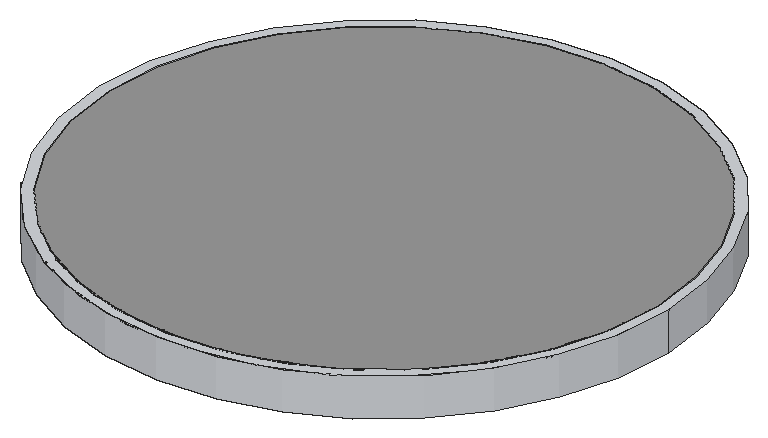
Revit family "2071278", category Lighting Fixtures, host Face, Revit 2018
Family settings
  Host = Face
  Round Connector Dimension = Use Diameter
  Part Type = Normal
  OmniClass Number = 23.80.70.00
  OmniClass Title = Lighting
  Cut with Voids When Loaded = No
  Light Source = Yes
  Shared = No
  Room Calculation Point = No
Parameters (values of type "2071278 COLOSSAL 900 940 PR DIR+H WHT DALI EM")
  iner diameter = 856 mm
  Weight = "n/a"
  Wattage Comments = ""
  Wattage = 30 W
  WarrantyStartDate [instance] = "n/a"
  WarrantyGuarantorParts = "n/a"
  WarrantyDurationUnit = "n/a"
  WarrantyDurationParts = ""
  WarrantyDescription = "http://www.sylvania-lighting.com"
  built-in parameter 1150110 = 1 (stored number, unit not read)
  Voltage = 230 V
  URL = "0.99"
  TypeName = "COLOSSAL 900mm 940 PRISM DIR+HAL WHITE DALI EM"
  Type Image = <None>
  Type Comments = "n/a"
  built-in parameter 1114217 = 1 (stored number, unit not read)
  Tilt Angle = -90.00°
  built-in parameter 1150109 = 1 (stored number, unit not read)
  built-in parameter 1150134 = (empty or 0)
  built-in parameter 1150113 = 1 (stored number, unit not read)
  SerialNumber [instance] = "n/a"
  Photometric Web File = "2071278.ies"
  Material_3_SYL = LED-Sylvania
  PowerFactor = 0
  PowerConsumption = "Lighting"
  NominalLength = 888 mm
  NominalHeight = 93 mm
  NominalDepth = 888 mm
  Name = "COLOSSAL 900mm 940 PRISM DIR+HAL WHITE DALI EM"
  ModelReference = Name  # "COLOSSAL 900mm 940 PRISM DIR+HAL WHITE DALI EM"
  ModelNumber = "2071278"
  Model = Name  # "COLOSSAL 900mm 940 PRISM DIR+HAL WHITE DALI EM"
  Material = "Feilo Sylvania"
  ManufacturerName = "118 lm/W"
  Manufacturer = ""
  LuminousEfficacy = ""
  built-in parameter 1150105 = 270.44 (stored number, unit not read)
  Lumens = 3398.4 lm
  LuminaireType = "0"
  built-in parameter 1150115 = 1 (stored number, unit not read)
  LightOutputRatio = "LED"
  built-in parameter 1150137 = (empty or 0)
  built-in parameter 1150139 = (empty or 0)
  LampsType = Lamp  # "n/a"
  LampNominalLuminous = "4000 K"
  LampMacAdamStep = "90"
  LampColourTemperature = "LED"
  LampColourRenderingIndex = "16500"
  built-in parameter 1150112 = 1 (stored number, unit not read)
  built-in parameter 1150114 = 1 (stored number, unit not read)
  Lamp = "n/a"
  Keynote = "n/a"
  InstallationDate [instance] = "n/a"
  InputVoltage = "0"
  InputNominalFrequency = "4000"
  built-in parameter 1150132 = (empty or 0)
  built-in parameter 1150102 = (empty or 0)
  built-in parameter 1150107 = 3000 (stored number, unit not read)
  built-in parameter 1150138 = (empty or 0)
  IngressProtection = "IfcLightFixtureType"
  ImpactProtectionIndex = "IfcLightFixtureType"
  built-in parameter 1150106 = 2.7044 (stored number, unit not read)
  IfcExportType = "IfcLightFixtureType"
  IfcExportAs = "Class I"
  Emit from Circle Diameter = 385 mm
  Emit Shape Visible in Rendering = no
  ElectricShockClassification = "118"
  built-in parameter 1150104 = 10.524 (stored number, unit not read)
  DocumentationLiterature = "http://www.sylvania-lighting.com/product/en-int/products/2071278"
  DimmingControlOptions = "n/a"
  Material_2_SYL = Polycarbonate_Sylvania_White
  Dimming Lamp Color Temperature Shift = <None>
  Description = "900mm diameter circular architectural luminaire, can be surface mounted or suspended. Powder coated aluminium housing (RAL9016) with PMMA prismatic diffuser. Direct/indirect (halo) light distribution, 7055lm luminuous flux, 60W system power, 118lm/W luminiaire efficacy. DALI dimmable. 3 hours integrated emergency. Colour rendering index Ra >90, 4000K Neutral White LED, chromaticity tolerance of 3-step MacAdam ellipse. IP40/IP20, IK03. 350mA drive current. UGR≤19. Electrical protection Class1, 220-240V. Reported lifetime 66k hours L90B10."
  Default Elevation = 1219.2 mm
  CreatedOn = "23/03/2022"
  CreatedBy = "@sylvania-lighting.com"
  Cost = 0
  Color Filter = 16777215
  built-in parameter 1114216 [instance] = (empty or 0)
  ClassificationValue = "EF_70_80"
  ClassificationName = "Uniclass2015"
  Material_1_SYL = Polycarbonate_Sylvania_Opal
  BarCode [instance] = "n/a"
  built-in parameter 1114218 = 1 (stored number, unit not read)
  built-in parameter 1150133 = 10 (stored number, unit not read)
  AssetType = "Fixed"
  AssetIdentifier [instance] = "n/a"
  Assembly Code = "D5020200"
  Apparent Load = 60 VA
  Material_4_SYL = none
Reference planes
  plane 1 "Center (Front/Back)": y = 0
  plane 2: z = 0
  plane 3 "Center (Left/Right)": x = 0
  plane 4: z = 1.161
  plane 5: z = 16.161
  plane 6: x = -444
  plane 7: x = 444
  plane 8: y = 444
  plane 9: y = -444
  plane 10: y = 236
  plane 11: y = -236
  plane 12: x = 85
  plane 13: x = -85
  plane 14: through (0, 0, 1219.2) normal (0.5, 0.866, 0)
  plane 15: through (42.5, 73.612, 1219.2) normal (0.5, 0.866, 0)
  plane 16: through (-42.5, -73.612, 1219.2) normal (0.5, 0.866, 0)
  plane 17: through (0, 0, 1219.2) normal (0.5, -0.866, 0)
  plane 18: through (-42.5, 73.612, 1219.2) normal (0.5, -0.866, 0)
  plane 19: through (42.5, -73.612, 1219.2) normal (0.5, -0.866, 0)
  plane 20: z = 93
  plane 21: y = 428
  plane 22: y = -428
Forms (mm)
  Extrusion 1, solid, detail levels medium+fine
    sketch origin (0, 0, 0) x (0.866025, -0.5, 0) y (0.5, 0.866025, 0)
      loop
        circle (-50, 86.603) r 22
    from 0 to 2
  Extrusion 2, solid, detail levels medium+fine
    sketch origin (0, 0, 0) x (0.866025, -0.5, 0) y (0.5, 0.866025, 0)
      loop
        circle (100, 0) r 22
      loop
        circle (-50, -86.603) r 22
    from 0 to 2
  Blend 3, solid, detail levels medium+fine
    base sketch origin (0, 0, 0) x (1, 0, 0) y (0, 1, 0)
      loop
        line (-85, 236) -> (-246.882, -44.388) -> (-161.882, -191.612) -> (161.882, -191.612) -> (246.882, -44.388) -> (85, 236) -> (-85, 236)
    top sketch origin (0, 0, 0) x (1, 0, 0) y (0, 1, 0)
      loop
        line (-85, 283.076) -> (-287.651, -67.926) -> (-207.792, -218.119) -> (207.792, -218.119) -> (292.5, -71.401) -> (85, 283.076) -> (-85, 283.076)
    from 0 to 33.022
  Extrusion 4, solid, detail levels medium+fine
    sketch origin (0, 0, 0) x (1, 0, 0) y (0, 1, 0)
      loop
        circle (0, 0) r 444
    from 33.022 to 93
  Extrusion 5, void
    sketch origin (0, 0, 0) x (1, 0, 0) y (0, 1, 0)
      loop
        circle (0, 0) r 428
    from 96.588 to 37.292
  Extrusion 6, solid, material "Glass, White, High Luminance", detail levels fine
    sketch origin (0, 0, 0) x (1, 0, 0) y (0, 1, 0)
      loop
        circle (0, 0) r 428
    from 87.991 to 93
  Extrusion 7, solid, detail levels coarse
    sketch origin (0, 0, 0) x (1, 0, 0) y (0, 1, 0)
      loop
        line (-444, 444) -> (-444, -444) -> (444, -444) -> (444, 444) -> (-444, 444)
    from 0 to 93.648
Cuts and joins
  Extrusion 5 cuts Extrusion 1
  Extrusion 5 cuts Extrusion 2
  Extrusion 5 cuts Blend 3
  Extrusion 5 cuts Extrusion 4
Lines and regions (mm)
  model lines, detail levels medium+fine
    curve 1: circle (0, 0, 0) r 100 normal (0, 0, 1)
Dimensions and locks
  "NominalDepth": plane 8 to plane 9
  plane 8 to plane 1 "Center (Front/Back)" to plane 9 = 444 mm, 444 mm
  "NominalLength": plane 6 to plane 7
  equal spacing: plane 6, plane 3 "Center (Left/Right)", plane 7
  "NominalHeight": level to plane 20
  "iner diameter": plane 21 to plane 22
  equal spacing: plane 21, plane 1 "Center (Front/Back)", plane 22
  aligned and locked: plane 2 to host face
  aligned and locked: level to host face
Automatic sketch dimensions
  host sketch curve to host sketch curve = 2438.4 mm  (x2)
  Extrusion 1 sketch curve to plane 3 "Center (Left/Right)" = 0 mm
  Extrusion 1 sketch curve to plane 1 "Center (Front/Back)" = 100 mm
  plane 1 "Center (Front/Back)" to Extrusion 2 sketch curve = 50 mm
  Extrusion 2 sketch curve to plane 3 "Center (Left/Right)" = 86.603 mm
  Extrusion 2 sketch curve to Extrusion 2 sketch curve = 150 mm
  Extrusion 2 sketch curve to Extrusion 2 sketch curve = 86.603 mm
  plane 1 "Center (Front/Back)" to curve 1 = 0 mm
  curve 1 to plane 3 "Center (Left/Right)" = 0 mm
  plane 18 to Blend 3 sketch curve = 0 mm  (x2)
  plane 19 to Blend 3 sketch curve = 0 mm  (x2)
  Blend 3 sketch curve to plane 10 = 0 mm
  Blend 3 sketch curve to plane 13 = 0 mm  (x2)
  Blend 3 sketch curve to plane 12 = 0 mm  (x2)
  Blend 3 sketch curve to plane 16 = 0 mm  (x2)
  Blend 3 sketch curve to plane 15 = 0 mm
  plane 11 to Blend 3 sketch curve = 44.388 mm
  plane 1 "Center (Front/Back)" to Blend 3 sketch curve = 44.388 mm  (x2)
  plane 11 to Blend 3 sketch curve = 17.881 mm
  plane 1 "Center (Front/Back)" to Blend 3 sketch curve = 67.926 mm
  plane 1 "Center (Front/Back)" to Blend 3 sketch curve = 71.401 mm
  Blend 3 sketch curve to plane 7 = 151.5 mm
  plane 10 to Blend 3 sketch curve = 47.076 mm
  plane 1 "Center (Front/Back)" to Extrusion 4 sketch curve = 0 mm
  Extrusion 4 sketch curve to plane 3 "Center (Left/Right)" = 0 mm
  plane 1 "Center (Front/Back)" to Extrusion 5 sketch curve = 0 mm
  Extrusion 5 sketch curve to plane 3 "Center (Left/Right)" = 0 mm
  plane 1 "Center (Front/Back)" to Extrusion 6 sketch curve = 0 mm
  Extrusion 6 sketch curve to plane 3 "Center (Left/Right)" = 0 mm
  Extrusion 7 sketch curve to plane 6 = 0 mm
  Extrusion 7 sketch curve to plane 7 = 0 mm
  Extrusion 7 sketch curve to plane 9 = 0 mm
  Extrusion 7 sketch curve to plane 8 = 0 mm
  radius of Extrusion 1 sketch curve = 22 mm
  radius of Extrusion 2 sketch curve = 22 mm  (x2)
  radius of curve 1 = 100 mm
  radius of Extrusion 4 sketch curve = 444 mm
  radius of Extrusion 5 sketch curve = 428 mm
  radius of Extrusion 6 sketch curve = 428 mm
Connectors
  electrical at (0, 0, 0), driven by "Apparent Load", driven by "PowerFactor", driven by "Voltage"
    settings: index 1, voltage 230 V, apparent load 60 VA, apparent load phase1 0 VA, apparent load phase2 0 VA, apparent load phase3 0 VA, power factor 0, load classification "Lighting", number of poles 1, system type 30, power factor state 1, is connector primary yes, connector utility no, sub classification motor no, connector description ""
